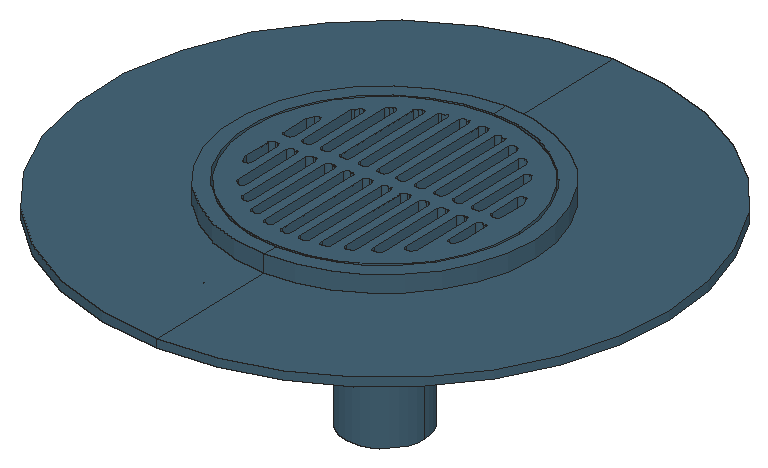
Revit family "Drain_Floor_Deck_9_Inch_Round_Top-Zurn-Z531-Medium-Duty", category Plumbing Fixtures, Revit 2022
Family settings
  Round Connector Dimension = Use Radius
  Part Type = Normal
  OmniClass Number = 23.70.50.21.24.14
  OmniClass Title = Deck Waste Water Drains
  Work Plane-Based = No
  Always vertical = Yes
  Cut with Voids When Loaded = No
  Maintain Annotation Orientation = No
  Shared = No
  Room Calculation Point = No
Parameters (values of type "Load Family Type Catalog")
  Wide flange Deck Diameter = 9.000"
  Waste Connection = 1 = 1  # yes
  WFU = 0  # constant formula
  Vent Connection = 1 = 0  # no
  URL = "www.zurn.com"
  Type Comments = "Z531-2 Inch Inside Caulk Outlet"
  Top Diameter = 17.000"
  Product data URL = "https://www.bimobject.com/en-in/zurnindustries/product/zurn-z531"
  Product Page URL = "https://www.zurn.com/products/drainage-interceptors/floor-drains/finish-floor-drains/z531"
  Product Documentation Link = "https://files.zurn.com/spec-sheets/z531.pdf"
  Pipe Size_A Outer Diameter = 2.375"
  Modified Date = "12/26/2025"  # constant formula
  Model = "Z531"
  Manufacturer Brand = "Zurn"  # constant formula
  Manufacturer = "Zurn Water, LLC"  # constant formula
  Main Material = Iron - Zurn -Cast - Painted - Blue
  HWFU = 1  # constant formula
  HW Connection = 1 = 0  # no
  Grate Open Area Sq.in = 18.000"
  Grate Material = Iron - Zurn -Cast - Painted - Blue
  Enter_Adjustable Height [instance] = 0.500"
  Description = "9 [229] DIAMETER ADJUSTABLE FRAME WIDE FLANGE MEDIUM-DUTY DECK DRAIN"  # constant formula
  Date Created = "12/26/2025"  # constant formula
  CWFU = 0  # constant formula
  CW Connection = 1 = 0  # no
  Body Height_E = 6.000"
  Default Elevation = 20.000"  # constant formula
  Pipe Size_A Inside Diameter = 2.067"
  Connector Radius = Pipe Size_A Nominal Diameter / 2  # 1.000"
  Pipe Size_A Nominal Diameter = 2.000"
  Assembly Code = "D2030300"
  Approx. Wt. Lbs. = 54.000"
  Adjustable Height [instance] = if(Enter_Adjustable Height < 0.188", 0.188", if(Enter_Adjustable Height > 0.500", 0.500", Enter_Adjustable Height))  # 0.500"
Reference planes (in)
  plane 1 "Center (Front/Back)": y = 0
  plane 2: z = 0
  plane 3 "Center (Left/Right)": x = 0
  plane 4: z = -3.39251
  plane 5: z = -0.5
  plane 6: z = -6.5
  plane 7: y = -7.5
  plane 8: y = 7.5
  plane 9: x = 6.25
  plane 10 "Outlet Plane_1": x = -1.1875
  plane 11 "outlet Plane_2": x = 1.1875
  plane 12: y = 5.4375
  plane 13: y = 5
  plane 14: y = 2.5
  plane 15: y = -2.5
  plane 16: y = -5
  plane 17: y = -6.25
  plane 18: y = 3.75
  plane 19: y = 6.25
  plane 20: y = -3.75
  plane 21: y = 1.25
  plane 22: y = -1.25
  plane 23: y = 1.1875
  plane 24: y = -1.1875
  plane 25: x = -6.25
  plane 26: x = -5
  plane 27: x = -2.5
  plane 28: x = 0
  plane 29: x = 1.25
  plane 30: x = 3.75
  plane 31: x = 5
  plane 32: x = 2.5
  plane 33: x = -3.75
  plane 34: x = -1.25
  plane 35: y = 8.5
  plane 36: y = 4.5
  plane 37: z = -0.9375
  plane 38: x = -3.25
  plane 39: x = -2.6875
  plane 40: x = -2.125
  plane 41: x = -2.9375
  plane 42: x = -2.375
  plane 43: x = -1.8125
  plane 44: x = -1.5625
  plane 45: x = -1.25
  plane 46: x = -1
  plane 47: x = -0.6875
  plane 48: x = -0.4375
  plane 49: x = -0.125
  plane 50: x = 0.125
  plane 51: x = 0.4375
  plane 52: x = 0.6875
  plane 53: x = 1
  plane 54: x = 1.25
  plane 55: x = 1.5625
  plane 56: x = 1.8125
  plane 57: x = 2.125
  plane 58: x = 2.375
  plane 59: x = 2.6875
  plane 60: x = 2.9375
  plane 61: x = 3.25
  plane 62: y = 0
  plane 63: y = 0
  plane 64: through (3.72382, -0.12233, 47.24409) normal (-0.9343, -0.3564, 0)
  plane 65: through (3.67716, 0, 47.24409) normal (0.9343, -0.3564, 0)
  plane 66: through (-3.04593, 1.65474, 47.24409) normal (0.9343, -0.3564, 0)
  plane 67: through (-3.05698, -1.62579, 47.24409) normal (-0.9343, -0.3564, 0)
  plane 68: x = -8.5
  plane 69: x = 8.5
  plane 70: x = -4.5
  plane 71: x = 4.5
  plane 72: z = -0.75
Forms (in)
  Revolve 1, solid, material "Iron - Zurn -Cast - Painted - Blue" <- "Main Material", visible <- "Waste Connection", detail levels fine
    sketch origin (0, 0, 1.3125) x (0, 1, 0) y (0, 0, 1)
      loop
        line (1.3125, -4.70501) -> (3.56265, -4.70501)
        arc (3.56265, -4.70501) -> (3.91626, -4.55854) -> (4.06274, -4.20492) r 0.50009
        line (4.06274, -4.20492) -> (4.1092, -3.5405)
        arc (4.1092, -3.5405) -> (4.13108, -3.45433) -> (4.18176, -3.38128) r 0.24982
        line (4.18176, -3.38128) -> (5.42732, -2.13572)
        arc (5.42732, -2.13572) -> (5.50842, -2.08153) -> (5.60409, -2.0625) r 0.25
        line (5.60409, -2.0625) -> (8.5, -2.0625) -> (8.5, -1.8125) -> (4.5, -1.8125) -> (4.5, -1.3125) -> (4.0625, -1.3125) -> (4.0625, -2.25) -> (3.8125, -2.25) -> (3.8125, -4.20501)
        arc (3.8125, -4.20501) -> (3.73928, -4.38179) -> (3.5625, -4.45501) r 0.25
        line (3.5625, -4.45501) -> (1, -4.45501) -> (1, -4.70501) -> (1.1875, -4.70501) -> (1.1875, -4.83001)
        arc (1.1875, -4.83001) -> (1.22411, -4.74162) -> (1.3125, -4.70501) r 0.125
      axis (0, -4.83001) -> (0, -1.3125)
    angle from 0 to 360
  Extrusion 2, solid, material "Iron - Zurn -Cast - Painted - Blue" <- "Main Material", visible <- "Waste Connection", detail levels fine
    sketch origin (-18.13183, -60, -6.5) x (-1, 0, 0) y (0, -1, 0)
      loop
        circle (-18.13183, -60) r 1.1875
      loop
        circle (-18.13183, -60) r 1.0335
    from 0 to 3.10749
  Extrusion 3, solid, material "Iron - Zurn -Cast - Painted - Blue" <- "Grate Material", visible <- "Waste Connection", detail levels fine
    sketch origin (0, 0, 0) x (1, 0, 0) y (0, 1, 0)
      loop
        circle (0, 0) r 4
    from 0 to -0.625
  Extrusion 4, void
    sketch origin (0, 0, 0) x (0, 1, 0) y (1, 0, 0)
      loop
        arc (3.30933, 0.125) -> (3.39579, 0.16597) -> (3.42795, 0.25607) r 0.125
        line (3.42795, 0.25607) -> (3.42307, 0.32176)
        arc (3.42307, 0.32176) -> (3.38403, 0.40359) -> (3.29995, 0.4375) r 0.125
        line (3.29995, 0.4375) -> (0.3125, 0.4375)
        arc (0.3125, 0.4375) -> (0.22411, 0.40089) -> (0.1875, 0.3125) r 0.125
        line (0.1875, 0.3125) -> (0.1875, 0.25)
        arc (0.1875, 0.25) -> (0.22411, 0.16161) -> (0.3125, 0.125) r 0.125
        line (0.3125, 0.125) -> (3.30933, 0.125)
      loop
        arc (3.21875, 0.6875) -> (3.30259, 0.71979) -> (3.34312, 0.79997) r 0.125
        line (3.34312, 0.79997) -> (3.3025, 0.95389)
        arc (3.3025, 0.95389) -> (3.26654, 0.98474) -> (3.22169, 1) r 0.125
        line (3.22169, 1) -> (0.3125, 1)
        arc (0.3125, 1) -> (0.22411, 0.96339) -> (0.1875, 0.875) r 0.125
        line (0.1875, 0.875) -> (0.1875, 0.8125)
        arc (0.1875, 0.8125) -> (0.22411, 0.72411) -> (0.3125, 0.6875) r 0.125
        line (0.3125, 0.6875) -> (3.21875, 0.6875)
      loop
        arc (3.01563, 1.25) -> (3.11451, 1.29854) -> (3.1366, 1.40647) r 0.125
        line (3.1366, 1.40647) -> (3.09775, 1.49014)
        arc (3.09775, 1.49014) -> (3.05162, 1.54287) -> (2.98438, 1.5625) r 0.125
        line (2.98438, 1.5625) -> (0.3125, 1.5625)
        arc (0.3125, 1.5625) -> (0.22411, 1.52589) -> (0.1875, 1.4375) r 0.125
        line (0.1875, 1.4375) -> (0.1875, 1.375)
        arc (0.1875, 1.375) -> (0.22411, 1.28661) -> (0.3125, 1.25) r 0.125
        line (0.3125, 1.25) -> (3.01563, 1.25)
      loop
        arc (2.6875, 1.8125) -> (2.79582, 1.87511) -> (2.79562, 2.00022) r 0.125
        line (2.79562, 2.00022) -> (2.74133, 2.07406)
        arc (2.74133, 2.07406) -> (2.69705, 2.11154) -> (2.64063, 2.125) r 0.125
        line (2.64063, 2.125) -> (0.3125, 2.125)
        arc (0.3125, 2.125) -> (0.22411, 2.08839) -> (0.1875, 2) r 0.125
        line (0.1875, 2) -> (0.1875, 1.9375)
        arc (0.1875, 1.9375) -> (0.22411, 1.84911) -> (0.3125, 1.8125) r 0.125
        line (0.3125, 1.8125) -> (2.6875, 1.8125)
      loop
        arc (2.17478, 2.375) -> (2.28976, 2.45452) -> (2.25911, 2.59091) r 0.125
        line (2.25911, 2.59091) -> (2.17282, 2.6637)
        arc (2.17282, 2.6637) -> (2.14056, 2.68061) -> (2.10479, 2.6875) r 0.125
        line (2.10479, 2.6875) -> (0.3125, 2.6875)
        arc (0.3125, 2.6875) -> (0.22411, 2.65089) -> (0.1875, 2.5625) r 0.125
        line (0.1875, 2.5625) -> (0.1875, 2.5)
        arc (0.1875, 2.5) -> (0.22411, 2.41161) -> (0.3125, 2.375) r 0.125
        line (0.3125, 2.375) -> (2.17478, 2.375)
      loop
        arc (1.26563, 2.9375) -> (1.38619, 3.02952) -> (1.32926, 3.17009) r 0.125
        line (1.32926, 3.17009) -> (1.11978, 3.25) -> (0.3125, 3.25)
        arc (0.3125, 3.25) -> (0.22411, 3.21339) -> (0.1875, 3.125) r 0.125
        line (0.1875, 3.125) -> (0.1875, 3.0625)
        arc (0.1875, 3.0625) -> (0.22411, 2.97411) -> (0.3125, 2.9375) r 0.125
        line (0.3125, 2.9375) -> (1.26563, 2.9375)
      loop
        line (3.30933, -0.125) -> (0.3125, -0.125)
        arc (0.3125, -0.125) -> (0.22411, -0.16161) -> (0.1875, -0.25) r 0.125
        line (0.1875, -0.25) -> (0.1875, -0.3125)
        arc (0.1875, -0.3125) -> (0.22411, -0.40089) -> (0.3125, -0.4375) r 0.125
        line (0.3125, -0.4375) -> (3.29995, -0.4375)
        arc (3.29995, -0.4375) -> (3.38403, -0.40359) -> (3.42307, -0.32176) r 0.125
        line (3.42307, -0.32176) -> (3.42795, -0.25607)
        arc (3.42795, -0.25607) -> (3.39579, -0.16597) -> (3.30933, -0.125) r 0.125
      loop
        line (3.21875, -0.6875) -> (0.3125, -0.6875)
        arc (0.3125, -0.6875) -> (0.22411, -0.72411) -> (0.1875, -0.8125) r 0.125
        line (0.1875, -0.8125) -> (0.1875, -0.875)
        arc (0.1875, -0.875) -> (0.22411, -0.96339) -> (0.3125, -1) r 0.125
        line (0.3125, -1) -> (3.22169, -1)
        arc (3.22169, -1) -> (3.26654, -0.98474) -> (3.3025, -0.95389) r 0.125
        line (3.3025, -0.95389) -> (3.34312, -0.79997)
        arc (3.34312, -0.79997) -> (3.30259, -0.71979) -> (3.21875, -0.6875) r 0.125
      loop
        line (3.01563, -1.25) -> (0.3125, -1.25)
        arc (0.3125, -1.25) -> (0.22411, -1.28661) -> (0.1875, -1.375) r 0.125
        line (0.1875, -1.375) -> (0.1875, -1.4375)
        arc (0.1875, -1.4375) -> (0.22411, -1.52589) -> (0.3125, -1.5625) r 0.125
        line (0.3125, -1.5625) -> (2.98438, -1.5625)
        arc (2.98438, -1.5625) -> (3.05162, -1.54287) -> (3.09775, -1.49014) r 0.125
        line (3.09775, -1.49014) -> (3.1366, -1.40647)
        arc (3.1366, -1.40647) -> (3.11451, -1.29854) -> (3.01563, -1.25) r 0.125
      loop
        line (2.6875, -1.8125) -> (0.3125, -1.8125)
        arc (0.3125, -1.8125) -> (0.22411, -1.84911) -> (0.1875, -1.9375) r 0.125
        line (0.1875, -1.9375) -> (0.1875, -2)
        arc (0.1875, -2) -> (0.22411, -2.08839) -> (0.3125, -2.125) r 0.125
        line (0.3125, -2.125) -> (2.64063, -2.125)
        arc (2.64063, -2.125) -> (2.69705, -2.11154) -> (2.74133, -2.07406) r 0.125
        line (2.74133, -2.07406) -> (2.79562, -2.00022)
        arc (2.79562, -2.00022) -> (2.79582, -1.87511) -> (2.6875, -1.8125) r 0.125
      loop
        line (2.17478, -2.375) -> (0.3125, -2.375)
        arc (0.3125, -2.375) -> (0.22411, -2.41161) -> (0.1875, -2.5) r 0.125
        line (0.1875, -2.5) -> (0.1875, -2.5625)
        arc (0.1875, -2.5625) -> (0.22411, -2.65089) -> (0.3125, -2.6875) r 0.125
        line (0.3125, -2.6875) -> (2.10479, -2.6875)
        arc (2.10479, -2.6875) -> (2.14056, -2.68061) -> (2.17282, -2.6637) r 0.125
        line (2.17282, -2.6637) -> (2.25911, -2.59091)
        arc (2.25911, -2.59091) -> (2.28976, -2.45452) -> (2.17478, -2.375) r 0.125
      loop
        line (1.26563, -2.9375) -> (0.3125, -2.9375)
        arc (0.3125, -2.9375) -> (0.22411, -2.97411) -> (0.1875, -3.0625) r 0.125
        line (0.1875, -3.0625) -> (0.1875, -3.125)
        arc (0.1875, -3.125) -> (0.22411, -3.21339) -> (0.3125, -3.25) r 0.125
        line (0.3125, -3.25) -> (1.11978, -3.25) -> (1.32926, -3.17009)
        arc (1.32926, -3.17009) -> (1.38619, -3.02952) -> (1.26563, -2.9375) r 0.125
      loop
        line (-3.30933, 0.125) -> (-0.3125, 0.125)
        arc (-0.3125, 0.125) -> (-0.22411, 0.16161) -> (-0.1875, 0.25) r 0.125
        line (-0.1875, 0.25) -> (-0.1875, 0.3125)
        arc (-0.1875, 0.3125) -> (-0.22411, 0.40089) -> (-0.3125, 0.4375) r 0.125
        line (-0.3125, 0.4375) -> (-3.29995, 0.4375)
        arc (-3.29995, 0.4375) -> (-3.38403, 0.40359) -> (-3.42307, 0.32176) r 0.125
        line (-3.42307, 0.32176) -> (-3.42795, 0.25607)
        arc (-3.42795, 0.25607) -> (-3.39579, 0.16597) -> (-3.30933, 0.125) r 0.125
      loop
        line (-3.21875, 0.6875) -> (-0.3125, 0.6875)
        arc (-0.3125, 0.6875) -> (-0.22411, 0.72411) -> (-0.1875, 0.8125) r 0.125
        line (-0.1875, 0.8125) -> (-0.1875, 0.875)
        arc (-0.1875, 0.875) -> (-0.22411, 0.96339) -> (-0.3125, 1) r 0.125
        line (-0.3125, 1) -> (-3.22169, 1)
        arc (-3.22169, 1) -> (-3.26654, 0.98474) -> (-3.3025, 0.95389) r 0.125
        line (-3.3025, 0.95389) -> (-3.34312, 0.79997)
        arc (-3.34312, 0.79997) -> (-3.30259, 0.71979) -> (-3.21875, 0.6875) r 0.125
      loop
        line (-3.01563, 1.25) -> (-0.3125, 1.25)
        arc (-0.3125, 1.25) -> (-0.22411, 1.28661) -> (-0.1875, 1.375) r 0.125
        line (-0.1875, 1.375) -> (-0.1875, 1.4375)
        arc (-0.1875, 1.4375) -> (-0.22411, 1.52589) -> (-0.3125, 1.5625) r 0.125
        line (-0.3125, 1.5625) -> (-2.98438, 1.5625)
        arc (-2.98438, 1.5625) -> (-3.05162, 1.54287) -> (-3.09775, 1.49014) r 0.125
        line (-3.09775, 1.49014) -> (-3.1366, 1.40647)
        arc (-3.1366, 1.40647) -> (-3.11451, 1.29854) -> (-3.01563, 1.25) r 0.125
      loop
        line (-2.6875, 1.8125) -> (-0.3125, 1.8125)
        arc (-0.3125, 1.8125) -> (-0.22411, 1.84911) -> (-0.1875, 1.9375) r 0.125
        line (-0.1875, 1.9375) -> (-0.1875, 2)
        arc (-0.1875, 2) -> (-0.22411, 2.08839) -> (-0.3125, 2.125) r 0.125
        line (-0.3125, 2.125) -> (-2.64063, 2.125)
        arc (-2.64063, 2.125) -> (-2.69705, 2.11154) -> (-2.74133, 2.07406) r 0.125
        line (-2.74133, 2.07406) -> (-2.79562, 2.00022)
        arc (-2.79562, 2.00022) -> (-2.79582, 1.87511) -> (-2.6875, 1.8125) r 0.125
      loop
        line (-2.17478, 2.375) -> (-0.3125, 2.375)
        arc (-0.3125, 2.375) -> (-0.22411, 2.41161) -> (-0.1875, 2.5) r 0.125
        line (-0.1875, 2.5) -> (-0.1875, 2.5625)
        arc (-0.1875, 2.5625) -> (-0.22411, 2.65089) -> (-0.3125, 2.6875) r 0.125
        line (-0.3125, 2.6875) -> (-2.10479, 2.6875)
        arc (-2.10479, 2.6875) -> (-2.14056, 2.68061) -> (-2.17282, 2.6637) r 0.125
        line (-2.17282, 2.6637) -> (-2.25911, 2.59091)
        arc (-2.25911, 2.59091) -> (-2.28976, 2.45452) -> (-2.17478, 2.375) r 0.125
      loop
        line (-1.26563, 2.9375) -> (-0.3125, 2.9375)
        arc (-0.3125, 2.9375) -> (-0.22411, 2.97411) -> (-0.1875, 3.0625) r 0.125
        line (-0.1875, 3.0625) -> (-0.1875, 3.125)
        arc (-0.1875, 3.125) -> (-0.22411, 3.21339) -> (-0.3125, 3.25) r 0.125
        line (-0.3125, 3.25) -> (-1.11978, 3.25) -> (-1.32926, 3.17009)
        arc (-1.32926, 3.17009) -> (-1.38619, 3.02952) -> (-1.26563, 2.9375) r 0.125
      loop
        arc (-3.30933, -0.125) -> (-3.39579, -0.16597) -> (-3.42795, -0.25607) r 0.125
        line (-3.42795, -0.25607) -> (-3.42307, -0.32176)
        arc (-3.42307, -0.32176) -> (-3.38403, -0.40359) -> (-3.29995, -0.4375) r 0.125
        line (-3.29995, -0.4375) -> (-0.3125, -0.4375)
        arc (-0.3125, -0.4375) -> (-0.22411, -0.40089) -> (-0.1875, -0.3125) r 0.125
        line (-0.1875, -0.3125) -> (-0.1875, -0.25)
        arc (-0.1875, -0.25) -> (-0.22411, -0.16161) -> (-0.3125, -0.125) r 0.125
        line (-0.3125, -0.125) -> (-3.30933, -0.125)
      loop
        arc (-3.21875, -0.6875) -> (-3.30259, -0.71979) -> (-3.34312, -0.79997) r 0.125
        line (-3.34312, -0.79997) -> (-3.3025, -0.95389)
        arc (-3.3025, -0.95389) -> (-3.26654, -0.98474) -> (-3.22169, -1) r 0.125
        line (-3.22169, -1) -> (-0.3125, -1)
        arc (-0.3125, -1) -> (-0.22411, -0.96339) -> (-0.1875, -0.875) r 0.125
        line (-0.1875, -0.875) -> (-0.1875, -0.8125)
        arc (-0.1875, -0.8125) -> (-0.22411, -0.72411) -> (-0.3125, -0.6875) r 0.125
        line (-0.3125, -0.6875) -> (-3.21875, -0.6875)
      loop
        arc (-3.01563, -1.25) -> (-3.11451, -1.29854) -> (-3.1366, -1.40647) r 0.125
        line (-3.1366, -1.40647) -> (-3.09775, -1.49014)
        arc (-3.09775, -1.49014) -> (-3.05162, -1.54287) -> (-2.98438, -1.5625) r 0.125
        line (-2.98438, -1.5625) -> (-0.3125, -1.5625)
        arc (-0.3125, -1.5625) -> (-0.22411, -1.52589) -> (-0.1875, -1.4375) r 0.125
        line (-0.1875, -1.4375) -> (-0.1875, -1.375)
        arc (-0.1875, -1.375) -> (-0.22411, -1.28661) -> (-0.3125, -1.25) r 0.125
        line (-0.3125, -1.25) -> (-3.01563, -1.25)
      loop
        arc (-2.6875, -1.8125) -> (-2.79582, -1.87511) -> (-2.79562, -2.00022) r 0.125
        line (-2.79562, -2.00022) -> (-2.74133, -2.07406)
        arc (-2.74133, -2.07406) -> (-2.69705, -2.11154) -> (-2.64063, -2.125) r 0.125
        line (-2.64063, -2.125) -> (-0.3125, -2.125)
        arc (-0.3125, -2.125) -> (-0.22411, -2.08839) -> (-0.1875, -2) r 0.125
        line (-0.1875, -2) -> (-0.1875, -1.9375)
        arc (-0.1875, -1.9375) -> (-0.22411, -1.84911) -> (-0.3125, -1.8125) r 0.125
        line (-0.3125, -1.8125) -> (-2.6875, -1.8125)
      loop
        arc (-2.17478, -2.375) -> (-2.28976, -2.45452) -> (-2.25911, -2.59091) r 0.125
        line (-2.25911, -2.59091) -> (-2.17282, -2.6637)
        arc (-2.17282, -2.6637) -> (-2.14056, -2.68061) -> (-2.10479, -2.6875) r 0.125
        line (-2.10479, -2.6875) -> (-0.3125, -2.6875)
        arc (-0.3125, -2.6875) -> (-0.22411, -2.65089) -> (-0.1875, -2.5625) r 0.125
        line (-0.1875, -2.5625) -> (-0.1875, -2.5)
        arc (-0.1875, -2.5) -> (-0.22411, -2.41161) -> (-0.3125, -2.375) r 0.125
        line (-0.3125, -2.375) -> (-2.17478, -2.375)
      loop
        arc (-1.26563, -2.9375) -> (-1.38619, -3.02952) -> (-1.32926, -3.17009) r 0.125
        line (-1.32926, -3.17009) -> (-1.11978, -3.25) -> (-0.3125, -3.25)
        arc (-0.3125, -3.25) -> (-0.22411, -3.21339) -> (-0.1875, -3.125) r 0.125
        line (-0.1875, -3.125) -> (-0.1875, -3.0625)
        arc (-0.1875, -3.0625) -> (-0.22411, -2.97411) -> (-0.3125, -2.9375) r 0.125
        line (-0.3125, -2.9375) -> (-1.26563, -2.9375)
    from 0 to 0.9375
Cuts and joins
  Extrusion 4 cuts Revolve 1
  Extrusion 4 cuts Extrusion 2
  Extrusion 4 cuts Extrusion 3
Lines and regions (in)
  Masking region 1, detail levels fine
    outline origin (0, 0, 0) x (1, 0, 0) y (0, 1, 0)
      loop
        circle (0, 0) r 8.5
  model lines, detail levels coarse+medium
    curve 1: line (0, 0, 0) -> (0, 0, -6.5)
    curve 2: line (-1.1875, 0, -6.5) -> (1.1875, 0, -6.5)
    curve 3: line (0, 1.1875, -6.5) -> (0, -1.1875, -6.5)
    curve 4: circle (0, 0, 0) r 4 normal (0, 0, 1)
    curve 5: circle (0, 0, 0) r 4.5 normal (0, 0, 1)
    curve 6: line (-1.39194, 3.75, 0) -> (1.39194, 3.75, 0)
    curve 7: line (-3.1225, 2.5, 0) -> (3.1225, 2.5, 0)
    curve 8: line (-3.79967, 1.25, 0) -> (3.79967, 1.25, 0)
    curve 9: line (4, 0, 0) -> (-4, 0, 0)
    curve 10: line (-3.79967, -1.25, 0) -> (3.79967, -1.25, 0)
    curve 11: line (-3.1225, -2.5, 0) -> (3.1225, -2.5, 0)
    curve 12: line (-1.39194, -3.75, 0) -> (1.39194, -3.75, 0)
    curve 13: line (-3.75, 1.39194, 0) -> (-3.75, -1.39194, 0)
    curve 14: line (-2.5, 3.1225, 0) -> (-2.5, -3.1225, 0)
    curve 15: line (-1.25, 3.79967, 0) -> (-1.25, -3.79967, 0)
    curve 16: line (0, -4, 0) -> (0, 4, 0)
    curve 17: line (1.25, 3.79967, 0) -> (1.25, -3.79967, 0)
    curve 18: line (2.5, 3.1225, 0) -> (2.5, -3.1225, 0)
    curve 19: line (3.75, 1.39194, 0) -> (3.75, -1.39194, 0)
Dimensions and locks (in)
  level to plane 4 = 3.39251"
  "Body Height_E": plane 5 to plane 6
  curve 1 to Revolve 1 sketch curve = 1.000"
  equal spacing: plane 10 "Outlet Plane_1", plane 3 "Center (Left/Right)", plane 11 "outlet Plane_2"
  "Pipe Size_A Outer Diameter": plane 10 "Outlet Plane_1" to plane 11 "outlet Plane_2"
  equal spacing: plane 8, plane 19, plane 13, plane 18, plane 14, plane 21, plane 1 "Center (Front/Back)", plane 22, plane 15, plane 20, plane 16, plane 17, plane 7, locked at 1.25 each
  equal spacing: plane 24, plane 1 "Center (Front/Back)", plane 23
  "Pipe Size_A Outer Diameter": plane 24 to plane 23
  plane 25 to plane 26 to plane 33 to plane 27 to plane 34 to plane 28 to plane 29 to plane 32 to plane 30 to plane 31 to plane 9 = 1.250", 1.250", 1.250", 1.250", 1.250", 1.250", 1.250", 1.250", 1.250", 1.250"
  locked: plane 35 to curve 1 at 8.5
  locked: plane 36 to curve 1 at 4.5
  locked: Revolve 1 sketch curve to Revolve 1 sketch curve at 0.4375
  locked: Revolve 1 sketch curve to curve 1 at 4.0625
  locked: Revolve 1 sketch curve to Revolve 1 sketch curve at 0.25  (x2)
  Revolve 1 sketch curve to curve 1 = 3.8125"
  Revolve 1 sketch curve to curve 1 = 1.000"
  locked: Extrusion 4 sketch curve to Extrusion 4 sketch curve at 0.3125
  locked: plane 38 to plane 28 at 3.25
  locked: plane 28 to plane 61 at 3.25
  "Top Diameter": plane 68 to plane 69
  "Wide flange Deck Diameter": plane 70 to plane 71
  locked: Revolve 1 sketch curve to Revolve 1 sketch curve at 0.125
  locked: plane 5 to plane 37 at 0.4375
  locked: plane 37 to plane 4 at 2.45501
  "Adjustable Height": level to plane 5
  plane 5 to cut or joined group of Revolve 1, Extrusion 4 = 0.250"
  plane 37 to plane 5 = 0.4375"
  locked: plane 72 to plane 5 at 0.25
  "Pipe Size_A Outer Diameter": diameter of Extrusion 2 sketch curve
  "Pipe Size_A Inside Diameter": diameter of Extrusion 2 sketch curve
  radius of Revolve 1 sketch curve = 0.250"
  radius of Revolve 1 sketch curve = 0.50009"
  diameter of Extrusion 3 sketch curve = 8.000"
  "Top Diameter": diameter of Masking region 1 sketch curve
  locked: plane 1 "Center (Front/Back)" to plane 64 (angle 110.88°)
  locked: plane 65 to plane 1 "Center (Front/Back)" (angle 110.88°)
  locked: plane 66 to plane 1 "Center (Front/Back)" (angle 110.88°)
  locked: plane 1 "Center (Front/Back)" to plane 67 (angle 110.88°)
  angle Revolve 1 sketch curve to Revolve 1 sketch curve = 94.00°
  locked: Revolve 1 sketch curve to Revolve 1 sketch curve (angle 45.00°)
  locked: Revolve 1 sketch curve to Revolve 1 sketch curve (angle 4.00°)
  aligned and locked: level to plane 2
  aligned and locked: level to curve 1
  aligned and locked: plane 4 to Extrusion 2
  aligned and locked: plane 10 "Outlet Plane_1" to curve 2
  aligned and locked: plane 11 "outlet Plane_2" to curve 2
  aligned and locked: plane 1 "Center (Front/Back)" to curve 2
  aligned and locked: plane 23 to curve 3
  aligned and locked: plane 24 to curve 3
  aligned and locked: curve 3 to plane 3 "Center (Left/Right)"
  aligned and locked: plane 35 to Revolve 1 sketch curve
  aligned and locked: plane 4 to Revolve 1 sketch curve  (x2)
  aligned and locked: plane 1 "Center (Front/Back)" to Extrusion 3 sketch curve
  aligned and locked: plane 28 to Extrusion 3 sketch curve
  aligned and locked: level to Extrusion 3
  aligned and locked: level to Extrusion 4
  aligned and locked: plane 37 to Extrusion 4
  aligned and locked: plane 38 to Extrusion 4 sketch curve  (x2)
  aligned and locked: plane 40 to cut or joined group of Extrusion 3, Extrusion 4
  aligned and locked: Extrusion 4 sketch curve to plane 39
  aligned and locked: plane 39 to Extrusion 4 sketch curve
  aligned and locked: plane 40 to Extrusion 4 sketch curve
  aligned and locked: Extrusion 4 sketch curve to plane 41
  aligned and locked: plane 41 to Extrusion 4 sketch curve
  aligned and locked: plane 42 to Extrusion 4 sketch curve
  aligned and locked: Extrusion 4 sketch curve to plane 43
  aligned and locked: plane 43 to Extrusion 4 sketch curve
  aligned and locked: Extrusion 4 sketch curve to plane 44
  aligned and locked: plane 44 to Extrusion 4 sketch curve
  aligned and locked: plane 45 to Extrusion 4 sketch curve
  aligned and locked: Extrusion 4 sketch curve to plane 46
  aligned and locked: Extrusion 4 sketch curve to plane 47
  aligned and locked: Extrusion 4 sketch curve to plane 48
  aligned and locked: plane 48 to Extrusion 4 sketch curve
  aligned and locked: plane 49 to Extrusion 4 sketch curve
  aligned and locked: plane 50 to Extrusion 4 sketch curve
  aligned and locked: plane 51 to Extrusion 4 sketch curve
  aligned and locked: plane 52 to Extrusion 4 sketch curve
  aligned and locked: Extrusion 4 sketch curve to plane 53
  aligned and locked: plane 53 to Extrusion 4 sketch curve
  aligned and locked: plane 54 to Extrusion 4 sketch curve
  aligned and locked: Extrusion 4 sketch curve to plane 55
  aligned and locked: plane 55 to Extrusion 4 sketch curve
  aligned and locked: Extrusion 4 sketch curve to plane 56
  aligned and locked: plane 56 to Extrusion 4 sketch curve
  aligned and locked: Extrusion 4 sketch curve to plane 57
  aligned and locked: plane 57 to Extrusion 4 sketch curve
  aligned and locked: Extrusion 4 sketch curve to plane 58
  aligned and locked: plane 58 to Extrusion 4 sketch curve
  aligned and locked: plane 59 to Extrusion 4 sketch curve
  aligned and locked: Extrusion 4 sketch curve to plane 59
  aligned and locked: Extrusion 4 sketch curve to plane 60
  aligned and locked: plane 60 to Extrusion 4 sketch curve
  aligned and locked: Extrusion 4 sketch curve to plane 61
  aligned and locked: plane 61 to Extrusion 4 sketch curve
  aligned and locked: Extrusion 2 to curve 1
  aligned and locked: Extrusion 2 to plane 6
  aligned and locked: Extrusion 2 to curve 2
  aligned and locked: plane 62 to Extrusion 2 sketch curve
  aligned and locked: plane 28 to Extrusion 2 sketch curve  (x2)
  aligned and locked: plane 63 to Extrusion 2 sketch curve
  aligned and locked: curve 6 to plane 18
  aligned and locked: curve 7 to plane 14
  aligned and locked: curve 8 to plane 21
  aligned and locked: curve 9 to cut or joined group of Extrusion 3, Extrusion 4
  aligned and locked: curve 10 to plane 22
  aligned and locked: curve 11 to plane 15
  aligned and locked: curve 12 to plane 20
  aligned and locked: curve 13 to plane 33
  aligned and locked: curve 14 to plane 27
  aligned and locked: curve 15 to plane 34
  aligned and locked: plane 3 "Center (Left/Right)" to curve 16
  aligned and locked: curve 17 to plane 29
  aligned and locked: curve 18 to plane 32
  aligned and locked: curve 19 to plane 30
  aligned and locked: plane 1 "Center (Front/Back)" to Masking region 1 sketch curve
  aligned and locked: plane 28 to Masking region 1 sketch curve
  aligned and locked: plane 64 to Extrusion 4 sketch curve
  aligned and locked: plane 65 to Extrusion 4 sketch curve
  aligned and locked: plane 66 to Extrusion 4 sketch curve
  aligned and locked: plane 67 to Extrusion 4 sketch curve
  aligned and locked: Revolve 1 sketch curve to level
  aligned and locked: plane 5 to Revolve 1 sketch curve
  aligned and locked: plane 72 to Revolve 1 sketch curve
  aligned and locked: Revolve 1 sketch curve to plane 37
Automatic sketch dimensions
  curve 1 to plane 1 "Center (Front/Back)" = 0.000"
  plane 6 to curve 1 = 0.000"
  Extrusion 4 sketch curve to plane 46 = 0.000"
  Extrusion 4 sketch curve to plane 47 = 0.000"
  Extrusion 4 sketch curve to plane 27 = 0.000"  (x2)
  Extrusion 4 sketch curve to plane 32 = 0.000"  (x2)
  Extrusion 4 sketch curve to plane 50 = 0.000"
  Extrusion 4 sketch curve to plane 42 = 0.000"
  Extrusion 4 sketch curve to plane 40 = 0.000"
  Extrusion 4 sketch curve to plane 29 = 0.000"
  Extrusion 4 sketch curve to plane 52 = 0.000"
  Extrusion 4 sketch curve to plane 34 = 0.000"
  Extrusion 4 sketch curve to plane 49 = 0.000"
  Extrusion 4 sketch curve to plane 49 = 0.13107"  (x2)
  plane 20 to Extrusion 4 sketch curve = 0.32205"  (x2)
  plane 50 to Extrusion 4 sketch curve = 0.13107"  (x2)
  Extrusion 4 sketch curve to plane 51 = 0.11574"  (x2)
  Extrusion 4 sketch curve to Extrusion 4 sketch curve = 0.00488"  (x2)
  plane 48 to Extrusion 4 sketch curve = 0.11574"  (x2)
  Extrusion 4 sketch curve to plane 47 = 0.11247"  (x2)
  plane 20 to Extrusion 4 sketch curve = 0.40688"  (x2)
  plane 52 to Extrusion 4 sketch curve = 0.11247"  (x2)
  Extrusion 4 sketch curve to Extrusion 4 sketch curve = 0.11862"  (x2)
  plane 50 to Extrusion 4 sketch curve = 0.12484"
  Extrusion 4 sketch curve to plane 49 = 0.12484"
  Extrusion 4 sketch curve to plane 53 = 0.04611"  (x2)
  Extrusion 4 sketch curve to Extrusion 4 sketch curve = 0.04062"  (x2)
  plane 46 to Extrusion 4 sketch curve = 0.04611"  (x2)
  Extrusion 4 sketch curve to Extrusion 4 sketch curve = 0.12312"  (x2)
  Extrusion 4 sketch curve to Extrusion 4 sketch curve = 0.08081"  (x2)
  Extrusion 4 sketch curve to Extrusion 4 sketch curve = 0.12437"  (x4)
  Extrusion 4 sketch curve to Extrusion 4 sketch curve = 0.01415"  (x4)
  Extrusion 4 sketch curve to plane 55 = 0.15603"
  Extrusion 4 sketch curve to Extrusion 4 sketch curve = 0.08509"  (x2)
  plane 44 to Extrusion 4 sketch curve = 0.15603"
  plane 44 to Extrusion 4 sketch curve = 0.07236"  (x2)
  Extrusion 4 sketch curve to Extrusion 4 sketch curve = 0.03885"  (x2)
  Extrusion 4 sketch curve to plane 55 = 0.07236"  (x2)
  Extrusion 4 sketch curve to Extrusion 4 sketch curve = 0.03125"  (x4)
  Extrusion 4 sketch curve to plane 15 = 0.29562"  (x2)
  plane 40 to Extrusion 4 sketch curve = 0.05094"  (x2)
  Extrusion 4 sketch curve to Extrusion 4 sketch curve = 0.0543"  (x2)
  Extrusion 4 sketch curve to plane 57 = 0.05094"  (x2)
  Extrusion 4 sketch curve to Extrusion 4 sketch curve = 0.10812"
  Extrusion 4 sketch curve to plane 15 = 0.1875"
  Extrusion 4 sketch curve to Extrusion 4 sketch curve = 0.1007"  (x4)
  Extrusion 4 sketch curve to plane 27 = 0.09091"  (x2)
  plane 15 to Extrusion 4 sketch curve = 0.24089"  (x2)
  plane 32 to Extrusion 4 sketch curve = 0.09091"  (x2)
  Extrusion 4 sketch curve to Extrusion 4 sketch curve = 0.08433"  (x2)
  Extrusion 4 sketch curve to plane 32 = 0.00001"  (x2)
  plane 27 to Extrusion 4 sketch curve = 0.00001"  (x2)
  Extrusion 4 sketch curve to plane 59 = 0.0238"  (x2)
  Extrusion 4 sketch curve to Extrusion 4 sketch curve = 0.08629"  (x2)
  plane 39 to Extrusion 4 sketch curve = 0.0238"  (x2)
  Extrusion 4 sketch curve to Extrusion 4 sketch curve = 0.06803"  (x2)
  Extrusion 4 sketch curve to plane 27 = 0.06262"  (x2)
  plane 32 to Extrusion 4 sketch curve = 0.06262"  (x2)
  Extrusion 4 sketch curve to plane 22 = 0.07926"  (x2)
  Extrusion 4 sketch curve to plane 22 = 0.01562"  (x2)
  Extrusion 4 sketch curve to plane 61 = 0.125"
  plane 1 "Center (Front/Back)" to Extrusion 4 sketch curve = 0.3125"  (x4)
  Extrusion 4 sketch curve to plane 49 = 0.125"
  Extrusion 4 sketch curve to Extrusion 4 sketch curve = 0.000"  (x23)
  Extrusion 4 sketch curve to Extrusion 4 sketch curve = 0.125"  (x20)
  plane 50 to Extrusion 4 sketch curve = 0.125"  (x2)
  plane 52 to Extrusion 4 sketch curve = 0.125"
  plane 56 to Extrusion 4 sketch curve = 0.125"
  Extrusion 4 sketch curve to plane 38 = 0.125"
  Extrusion 4 sketch curve to plane 1 "Center (Front/Back)" = 0.1875"  (x12)
  Extrusion 4 sketch curve to plane 27 = 0.0625"
  plane 32 to Extrusion 4 sketch curve = 0.0625"
  plane 21 to Extrusion 4 sketch curve = 0.01563"  (x2)
  plane 21 to Extrusion 4 sketch curve = 0.07926"  (x2)
  Extrusion 4 sketch curve to plane 14 = 0.40073"  (x2)
  Extrusion 4 sketch curve to Extrusion 4 sketch curve = 0.00552"  (x2)
  Extrusion 4 sketch curve to Extrusion 4 sketch curve = 0.07406"  (x2)
  Extrusion 4 sketch curve to Extrusion 4 sketch curve = 0.00145"  (x2)
  plane 14 to Extrusion 4 sketch curve = 0.14063"  (x2)
  plane 14 to Extrusion 4 sketch curve = 0.1875"
  Extrusion 4 sketch curve to Extrusion 4 sketch curve = 0.04687"
  plane 40 to Extrusion 4 sketch curve = 0.12478"
  Extrusion 4 sketch curve to plane 57 = 0.12478"
  plane 44 to Extrusion 4 sketch curve = 0.125"
  Extrusion 4 sketch curve to Extrusion 4 sketch curve = 0.29688"  (x2)
  Extrusion 4 sketch curve to plane 55 = 0.125"
  Extrusion 4 sketch curve to plane 34 = 0.15647"
  plane 29 to Extrusion 4 sketch curve = 0.15647"
  Extrusion 4 sketch curve to plane 53 = 0.12383"
  Extrusion 4 sketch curve to Extrusion 4 sketch curve = 0.18897"  (x2)
  plane 46 to Extrusion 4 sketch curve = 0.12383"
  Extrusion 4 sketch curve to Extrusion 4 sketch curve = 0.0171"  (x2)
  plane 48 to Extrusion 4 sketch curve = 0.12499"
  Extrusion 4 sketch curve to Extrusion 4 sketch curve = 0.07966"  (x2)
  Extrusion 4 sketch curve to plane 51 = 0.12499"
  Extrusion 4 sketch curve to Extrusion 4 sketch curve = 0.00154"  (x2)
  Extrusion 4 sketch curve to Extrusion 4 sketch curve = 0.00469"  (x2)
  Extrusion 4 sketch curve to Extrusion 4 sketch curve = 0.00623"  (x2)
  curve 4 to curve 5 = 0.000"  (x2)
  plane 1 "Center (Front/Back)" to curve 4 = 0.000"
  curve 4 to plane 3 "Center (Left/Right)" = 0.000"
  curve 8 to plane 33 = 0.04967"
  curve 6 to plane 34 = 0.14194"
  plane 29 to curve 6 = 0.14194"
  Revolve 1 sketch curve to plane 1 "Center (Front/Back)" = 0.000"
  Revolve 1 sketch curve to plane 23 = 0.000"
  Revolve 1 sketch curve to Revolve 1 sketch curve = 0.00015"
  Revolve 1 sketch curve to Revolve 1 sketch curve = 0.07256"
  Revolve 1 sketch curve to plane 37 = 0.11428"
  Revolve 1 sketch curve to plane 12 = 0.16659"
  plane 37 to Revolve 1 sketch curve = 0.3834"
  level to Revolve 1 sketch curve = 3.7416"
  radius of curve 5 = 4.500"
Connectors (in)
  piping at (0, 0, -6.5), diameter 2, driven by "Connector Radius", driven by "Waste Connection"
    settings: on Extrusion 2, index 1, connector inside diameter 609.6 mm, connector length 0.000", flow factor 0, pipe flow 0.0 L/s, pressure drop 0.0 Pa, fitting loss kfactor 0, connector angle 0.00°, fixture units 0, engagement length 0.000", angle of deflection 0.00°, flow configuration 0, flow direction 2, fitting loss method 0, system type 16, joint type 0, gender type 0, connector reference index -1, connector utility 1, adjustable connector no, is connector primary yes, connector description "Sanitary Outlet"
Types in the file's own list only (24): name | Wide flange Deck Diameter | Type Comments | Top Diameter | Pipe Size_A Outer Diameter | Model | Grate Open Area Sq.in | Grate Material | Body Height_E | Default Elevation | Pipe Size_A Inside Diameter | Connector Radius | Pipe Size_A Nominal Diameter | Approx. Wt. Lbs.
  Z531-2IC | 9.000 " | "Z531-2 Inch Inside Caulk Outlet" | 17.000 " | 2.375 " | "Z531" | 18.000 " | Iron - Zurn -Cast - Painted - Blue | 6.000 " | 20.000 " | 2.067 " | 1.000 " | 2.000 " | 54.000 "
  Z531-3IC | 9.000 " | "Z531-3 Inch Inside Caulk Outlet" | 17.000 " | 3.500 " | "Z531" | 18.000 " | Iron - Zurn -Cast - Painted - Blue | 6.000 " | 20.000 " | 3.068 " | 1.500 " | 3.000 " | 54.000 "
  Z531-4IC | 9.000 " | "Z531-4 Inch Inside Caulk Outlet" | 17.000 " | 4.500 " | "Z531" | 18.000 " | Iron - Zurn -Cast - Painted - Blue | 6.000 " | 20.000 " | 4.026 " | 2.000 " | 4.000 " | 54.000 "
  Z531-2IP | 9.000 " | "Z531-2 Inch Threaded Outlet" | 17.000 " | 2.375 " | "Z531" | 18.000 " | Iron - Zurn -Cast - Painted - Blue | 4.500 " | 20.000 " | 2.067 " | 1.000 " | 2.000 " | 54.000 "
  Z531-3IP | 9.000 " | "Z531-3 Inch Threaded Outlet" | 17.000 " | 3.500 " | "Z531" | 18.000 " | Iron - Zurn -Cast - Painted - Blue | 4.500 " | 20.000 " | 3.068 " | 1.500 " | 3.000 " | 54.000 "
  Z531-4IP | 9.000 " | "Z531-4 Inch Threaded Outlet" | 17.000 " | 4.500 " | "Z531" | 18.000 " | Iron - Zurn -Cast - Painted - Blue | 4.500 " | 20.000 " | 4.026 " | 2.000 " | 4.000 " | 54.000 "
  Z531-2NH | 9.000 " | "Z531-2 Inch No-Hub Outlet" | 17.000 " | 2.375 " | "Z531" | 18.000 " | Iron - Zurn -Cast - Painted - Blue | 6.000 " | 20.000 " | 2.067 " | 1.000 " | 2.000 " | 54.000 "
  Z531-3NH | 9.000 " | "Z531-3 Inch No-Hub Outlet" | 17.000 " | 3.500 " | "Z531" | 18.000 " | Iron - Zurn -Cast - Painted - Blue | 6.000 " | 20.000 " | 3.068 " | 1.500 " | 3.000 " | 54.000 "
  Z531-4NH | 9.000 " | "Z531-4 Inch No-Hub Outlet" | 17.000 " | 4.500 " | "Z531" | 18.000 " | Iron - Zurn -Cast - Painted - Blue | 6.000 " | 20.000 " | 4.026 " | 2.000 " | 4.000 " | 54.000 "
  Z531-2NL | 9.000 " | "Z531-2 Inch Neo-Loc Outlet" | 17.000 " | 2.375 " | "Z531" | 18.000 " | Iron - Zurn -Cast - Painted - Blue | 5.375 " | 20.000 " | 2.067 " | 1.000 " | 2.000 " | 54.000 "
  Z531-3NL | 9.000 " | "Z531-3 Inch Neo-Loc Outlet" | 17.000 " | 3.500 " | "Z531" | 18.000 " | Iron - Zurn -Cast - Painted - Blue | 5.375 " | 20.000 " | 3.068 " | 1.500 " | 3.000 " | 54.000 "
  Z531-4NL | 9.000 " | "Z531-4 Inch Neo-Loc Outlet" | 17.000 " | 4.500 " | "Z531" | 18.000 " | Iron - Zurn -Cast - Painted - Blue | 5.375 " | 20.000 " | 4.026 " | 2.000 " | 4.000 " | 54.000 "
  ZN531-2IC | 9.000 " | "ZN531-2 Inch Inside Caulk Outlet" | 17.000 " | 2.375 " | "ZN531" | 18.000 " | Bronze - Zurn - Polished Nickel | 6.000 " | 20.000 " | 2.067 " | 1.000 " | 2.000 " | 54.000 "
  ZN531-3IC | 9.000 " | "ZN531-3 Inch Inside Caulk Outlet" | 17.000 " | 3.500 " | "ZN531" | 18.000 " | Bronze - Zurn - Polished Nickel | 6.000 " | 20.000 " | 3.068 " | 1.500 " | 3.000 " | 54.000 "
  ZN531-4IC | 9.000 " | "ZN531-4 Inch Inside Caulk Outlet" | 17.000 " | 4.500 " | "ZN531" | 18.000 " | Bronze - Zurn - Polished Nickel | 6.000 " | 20.000 " | 4.026 " | 2.000 " | 4.000 " | 54.000 "
  ZN531-2IP | 9.000 " | "ZN531-2 Inch Threaded Outlet" | 17.000 " | 2.375 " | "ZN531" | 18.000 " | Bronze - Zurn - Polished Nickel | 4.500 " | 20.000 " | 2.067 " | 1.000 " | 2.000 " | 54.000 "
  ZN531-3IP | 9.000 " | "ZN531-3 Inch Threaded Outlet" | 17.000 " | 3.500 " | "ZN531" | 18.000 " | Bronze - Zurn - Polished Nickel | 4.500 " | 20.000 " | 3.068 " | 1.500 " | 3.000 " | 54.000 "
  ZN531-4IP | 9.000 " | "ZN531-4 Inch Threaded Outlet" | 17.000 " | 4.500 " | "ZN531" | 18.000 " | Bronze - Zurn - Polished Nickel | 4.500 " | 20.000 " | 4.026 " | 2.000 " | 4.000 " | 54.000 "
  ZN531-2NH | 9.000 " | "ZN531-2 Inch No-Hub Outlet" | 17.000 " | 2.375 " | "ZN531" | 18.000 " | Bronze - Zurn - Polished Nickel | 6.000 " | 20.000 " | 2.067 " | 1.000 " | 2.000 " | 54.000 "
  ZN531-3NH | 9.000 " | "ZN531-3 Inch No-Hub Outlet" | 17.000 " | 3.500 " | "ZN531" | 18.000 " | Bronze - Zurn - Polished Nickel | 6.000 " | 20.000 " | 3.068 " | 1.500 " | 3.000 " | 54.000 "
  ZN531-4NH | 9.000 " | "ZN531-4 Inch No-Hub Outlet" | 17.000 " | 4.500 " | "ZN531" | 18.000 " | Bronze - Zurn - Polished Nickel | 6.000 " | 20.000 " | 4.026 " | 2.000 " | 4.000 " | 54.000 "
  ZN531-2NL | 9.000 " | "ZN531-2 Inch Neo-Loc Outlet" | 17.000 " | 2.375 " | "ZN531" | 18.000 " | Bronze - Zurn - Polished Nickel | 5.375 " | 20.000 " | 2.067 " | 1.000 " | 2.000 " | 54.000 "
  ZN531-3NL | 9.000 " | "ZN531-3 Inch Neo-Loc Outlet" | 17.000 " | 3.500 " | "ZN531" | 18.000 " | Bronze - Zurn - Polished Nickel | 5.375 " | 20.000 " | 3.068 " | 1.500 " | 3.000 " | 54.000 "
  ZN531-4NL | 9.000 " | "ZN531-4 Inch Neo-Loc Outlet" | 17.000 " | 4.500 " | "ZN531" | 18.000 " | Bronze - Zurn - Polished Nickel | 5.375 " | 20.000 " | 4.026 " | 2.000 " | 4.000 " | 54.000 "
